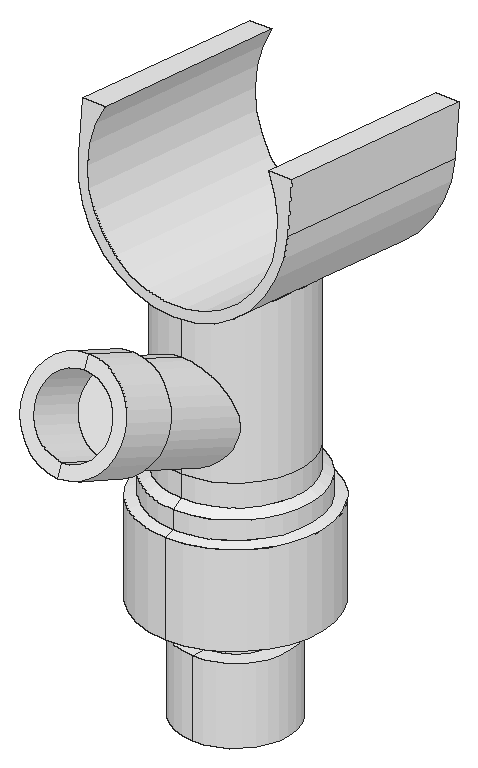
Revit family "Shower_Arm_Bracket-American_Standard-Spectra-8888096_Series", category Plumbing Fixtures, host Face, Revit 2019
Family settings
  Host = Face
  Round Connector Dimension = Use Diameter
  Part Type = Normal
  OmniClass Number = 23.45.05.14.17
  OmniClass Title = Showers
  Cut with Voids When Loaded = No
  Shared = Yes
  Room Calculation Point = No
Parameters (values of type "8888096.002")
  Width = 2 7/16"  # constant formula
  Waste Connection = no
  Warranty Information = "One Year General Product Warranty"  # constant formula
  WFU = 4  # constant formula
  Vent Connection = no
  URL = "https://www.americanstandard-us.com/"
  Type Comments = ""
  Tempered Water Connection Radius = 1/4"  # constant formula
  Tempered Water Connection Diameter = Tempered Water Connection Radius * 2  # 1/2"
  Tempered Water Connection = yes
  Revised Date = "08/04/2022"  # constant formula
  Product Page URL = "https://www.americanstandard-us.com/Hand-Showers-and-Accessories/Shower-Arm-Bracket/CHROME-8888096002"
  Product Documentation Link = "https://americanstandard.box.com/shared/static/2u0auwi26ym9tjsro8eta9bzoj8ki1fy.pdf"
  Price = "Prices may vary. Please consult Manufacturer Representative for most up-to-date price list."  # constant formula
  Model = "8888096.002"
  Material = "Metal-American Standard-002-Polished Chrome"
  Manufacturer = "American Standard"  # constant formula
  Length = 3 9/16"  # constant formula
  Installation Type = "Attaches to shower arm."  # constant formula
  HWFU = 3  # constant formula
  HW Connection = no
  Finish = Metal-American Standard-002-Polished Chrome
  Description = "Shower Arm Bracket"  # constant formula
  Default Elevation = 72"  # constant formula
  Creation Date = "01/18/2018"  # constant formula
  CWFU = 3  # constant formula
  CW Connection = no
  Assembly Code = "D2020300"
Types (6): name | Product Page URL | Model | Material | Finish
  (no name) | "https://www.americanstandard-us.com/Hand-Showers-and-Accessories/Shower-Arm-Bracket/CHROME-8888096002" | "8888096.002" | "Metal-American Standard-002-Polished Chrome" | Metal-American Standard-002-Polished Chrome
  8888096.002 | "https://www.americanstandard-us.com/Hand-Showers-and-Accessories/Shower-Arm-Bracket/CHROME-8888096002" | "8888096.002" | "Metal-American Standard-002-Polished Chrome" | Metal-American Standard-002-Polished Chrome
  8888096.243 | "https://www.americanstandard-us.com/Hand-Showers-and-Accessories/Shower-Arm-Bracket/MATTE-BLACK-8888096243" | "8888096.243" | "Metal-American Standard-243-Matte Black" | Metal-American Standard-243-Matte Black
  8888096.278 | "https://www.americanstandard-us.com/Hand-Showers-and-Accessories/Shower-Arm-Bracket/LEGACY-BRONZE-8888096278" | "8888096.278" | "Metal-American Standard-278-Legacy Bronze" | Metal-American Standard-278-Legacy Bronze
  8888096.013 | "https://www.americanstandard-us.com/Hand-Showers-and-Accessories/Shower-Arm-Bracket/POLISHED-NICKEL-8888096013" | "8888096.013" | "Metal-American Standard-013-Polished Nickel PVD" | Metal-American Standard-013-Polished Nickel PVD
  8888096.295 | "https://www.americanstandard-us.com/Hand-Showers-and-Accessories/Shower-Arm-Bracket/BRUSHED-NICKEL-8888096295" | "8888096.295" | "Metal-American Standard-295-Brushed Nickel" | Metal-American Standard-295-Brushed Nickel
Reference planes (in)
  plane 1 "Center (Front/Back)": y = 0
  plane 2: z = 0
  plane 3 "Center (Left/Right)": x = 0
  plane 4: z = 3.5625
  plane 5: y = 0.25
  plane 6: y = -0.25
  plane 7: y = 0.97249
  plane 8: y = -1.46501
Forms (in)
  Revolve 1, solid, material "Metal-American Standard-002-Polished Chrome" <- "Finish"
    sketch origin (0, 0, 0) x (0, 1, 0) y (0, 0, 1)
      loop
        line (-0.25, 0) -> (-0.25, 0.43364) -> (0, 0.43364) -> (0, 2.85635) -> (-0.44604, 2.85635) -> (-0.44604, 1.61666) -> (-0.44604, 1.47217) -> (-0.50766, 1.43207) -> (-0.50766, 1.31318) -> (-0.57539, 1.29503) -> (-0.57539, 0.69632) -> (-0.25, 0.69632) -> (-0.25, 0.5) -> (-0.35229, 0.5) -> (-0.35229, 0) -> (-0.25, 0)
      axis (0, 2.85635) -> (0, 0)
    angle from 0 to 360
  Revolve 2, solid, material "Metal-American Standard-002-Polished Chrome" <- "Finish"
    sketch origin (0, 0, 0) x (0, 1, 0) y (0, 0, 1)
      loop
        line (-1.42579, 2.11385) -> (-1.45831, 2.03334) -> (-1.10017, 1.88864) -> (-1.08491, 1.9264) -> (-0.15033, 1.5488) -> (-0.03941, 1.82335) -> (-0.97399, 2.20095) -> (-1.06764, 1.96915) -> (-1.42579, 2.11385)
      axis (-0.03941, 1.82335) -> (-1.33214, 2.34565)
    angle from 0 to 360
  Extrusion 3, solid, material "Metal-American Standard-002-Polished Chrome" <- "Finish"
    sketch origin (0, -0.3552, -0.31361) x (1, 0, 0) y (0, 0.104528, 0.994522)
      loop
        arc (0.53683, 3.85649) -> (0, 2.91143) -> (-0.53683, 3.85649) r 0.625
        line (-0.53683, 3.85649) -> (-0.6875, 3.85649) -> (-0.6875, 3.53643)
        arc (-0.6875, 3.53643) -> (0, 2.84893) -> (0.6875, 3.53643) r 0.6875
        line (0.6875, 3.53643) -> (0.6875, 3.85649) -> (0.53683, 3.85649)
    from -0.92967 to 0.45006
  Extrusion 4, void
    sketch origin (0, -1.28945, 6.34985) x (1, 0, 0) y (0, 0.098937, 0.995094)
      loop
        spline (-0.625, -3.01873) -> (-0.6037, -3.1796) -> (-0.54127, -3.32952) -> (-0.44194, -3.45825) -> (-0.3125, -3.55703) -> (-0.16176, -3.61913) -> (0, -3.64031) -> (0.16176, -3.61913) -> (0.3125, -3.55703) -> (0.44194, -3.45825) -> (0.54127, -3.32952) -> (0.6037, -3.1796) -> (0.625, -3.01873)
        spline (0.625, -3.01873) -> (0.6037, -2.85785) -> (0.54127, -2.70794) -> (0.44194, -2.57921) -> (0.3125, -2.48043) -> (0.16176, -2.41833) -> (0, -2.39715) -> (-0.16176, -2.41833) -> (-0.3125, -2.48043) -> (-0.44194, -2.57921) -> (-0.54127, -2.70794) -> (-0.6037, -2.85785) -> (-0.625, -3.01873)
    from -2.96098 to -0.62033
Cuts and joins
  Extrusion 4 cuts Revolve 1
  joined: Revolve 1, Revolve 2, Extrusion 3
Lines and regions (in)
  Masking region 1
    outline origin (0, 0, 0) x (1, 0, 0) y (0, 0, 1)
      loop
        line (0.6875, 3.56881) -> (0.53683, 3.56881) -> (0.53683, 3.42458)
        spline (0.53683, 3.42458) -> (0.54773, 3.40565) -> (0.55796, 3.38634) -> (0.5675, 3.36668) -> (0.57635, 3.34671) -> (0.58448, 3.32644) -> (0.59189, 3.3059) -> (0.59857, 3.28511) -> (0.60452, 3.2641) -> (0.60971, 3.2429) -> (0.61416, 3.22153) -> (0.61785, 3.20001) -> (0.62078, 3.17838)
        spline (0.62078, 3.17838) -> (0.58522, 3.03229) -> (0.51544, 2.89895) -> (0.41552, 2.78618) -> (0.29129, 2.70055) -> (0.15003, 2.64709) -> (0, 2.62892) -> (-0.15003, 2.64709) -> (-0.29129, 2.70055) -> (-0.41552, 2.78618) -> (-0.51544, 2.89895) -> (-0.58522, 3.03229) -> (-0.62078, 3.17838)
        spline (-0.62078, 3.17838) -> (-0.61785, 3.20001) -> (-0.61416, 3.22153) -> (-0.60971, 3.2429) -> (-0.60452, 3.2641) -> (-0.59857, 3.28511) -> (-0.59189, 3.3059) -> (-0.58448, 3.32644) -> (-0.57635, 3.34671) -> (-0.5675, 3.36668) -> (-0.55796, 3.38634) -> (-0.54773, 3.40565) -> (-0.53683, 3.42458)
        line (-0.53683, 3.42458) -> (-0.53683, 3.56881) -> (-0.6875, 3.56881) -> (-0.6875, 3.10627)
        spline (-0.6875, 3.10627) -> (-0.68572, 3.05704) -> (-0.68037, 3.00806) -> (-0.67149, 2.9596) -> (-0.65913, 2.91189) -> (-0.64335, 2.86519) -> (-0.62422, 2.81975) -> (-0.60186, 2.77579) -> (-0.57637, 2.73355) -> (-0.54789, 2.69324) -> (-0.51656, 2.65508) -> (-0.48255, 2.61926) -> (-0.44604, 2.58597)
        line (-0.44604, 2.58597) -> (-0.44604, 1.47217) -> (-0.50766, 1.43207) -> (-0.50766, 1.31318) -> (-0.57539, 1.29503) -> (-0.57539, 0.69632) -> (-0.25, 0.69632) -> (-0.25, 0.5) -> (-0.35229, 0.5) -> (-0.35229, 0) -> (0.35229, 0) -> (0.35229, 0.5) -> (0.25, 0.5) -> (0.25, 0.69632) -> (0.57539, 0.69632) -> (0.57539, 1.29503) -> (0.50766, 1.31318) -> (0.50766, 1.43207) -> (0.44604, 1.47217) -> (0.44604, 2.58597)
        spline (0.44604, 2.58597) -> (0.48255, 2.61926) -> (0.51656, 2.65508) -> (0.54789, 2.69324) -> (0.57637, 2.73355) -> (0.60186, 2.77579) -> (0.62422, 2.81975) -> (0.64335, 2.86519) -> (0.65913, 2.91189) -> (0.67149, 2.9596) -> (0.68037, 3.00806) -> (0.68572, 3.05704) -> (0.6875, 3.10627)
        line (0.6875, 3.10627) -> (0.6875, 3.56881)
  symbolic lines, detail levels medium+fine
    curve 1: line (0.25, 0, 0.5) -> (-0.25, 0, 0.5)
    curve 2: line (-0.25, 0, 0.69632) -> (0.25, 0, 0.69632)
    curve 3: line (0.57539, 0, 1.29503) -> (-0.57539, 0, 1.29503)
    curve 7: spline (0.44604, 0, 2.58597) -> (0.37557, 0, 2.53358) -> (0.29896, 0, 2.49057) -> (0.21744, 0, 2.45764) -> (0.13237, 0, 2.43533) -> (0.04513, 0, 2.42401) -> (-0.04285, 0, 2.42387) -> (-0.13013, 0, 2.4349) -> (-0.21528, 0, 2.45692) -> (-0.2969, 0, 2.48958) -> (-0.37366, 0, 2.53234) -> (-0.4443, 0, 2.5845) -> (-0.50766, 0, 2.6452)
  symbolic lines, detail levels fine
    curve 4: line (0.50766, 0, 1.31318) -> (-0.50766, 0, 1.31318)
    curve 5: line (-0.50766, 0, 1.43207) -> (0.50766, 0, 1.43207)
    curve 6: line (0.44604, 0, 1.47217) -> (-0.44604, 0, 1.47217)
    curve 8: spline (-0.62095, 0, 3.1769) -> (-0.61627, 0, 3.00276) -> (-0.56319, 0, 2.83676) -> (-0.46588, 0, 2.69192) -> (-0.33197, 0, 2.57963) -> (-0.17199, 0, 2.50869) -> (0.00149, 0, 2.4847) -> (0.17486, 0, 2.50952) -> (0.3345, 0, 2.58121) -> (0.46786, 0, 2.69414) -> (0.56448, 0, 2.83944) -> (0.61676, 0, 3.00569) -> (0.62061, 0, 3.17985)
    curve 9: line (-0.6875, 0, 3.42458) -> (-0.53683, 0, 3.42458)
    curve 10: line (0.53683, 0, 3.42458) -> (0.6875, 0, 3.42458)
Dimensions and locks (in)
  "Width": plane 7 to plane 8
  plane 5 to plane 6 = 1/2"
  "Length": plane 2 to plane 4
  aligned and locked: plane 2 to host face
  aligned and locked: level to host face
Automatic sketch dimensions
  host sketch curve to host sketch curve = 96"  (x2)
  Revolve 1 sketch curve to level = 0"
  Revolve 1 sketch curve to plane 6 = 0"  (x2)
  Revolve 1 sketch curve to plane 1 "Center (Front/Back)" = 0"  (x2)
  plane 6 to Revolve 1 sketch curve = 0.10229"
  plane 6 to Revolve 1 sketch curve = 0.19604"
  Revolve 1 sketch curve to Revolve 1 sketch curve = 0.06162"
  Revolve 1 sketch curve to Revolve 1 sketch curve = 0.06772"
  Revolve 1 sketch curve to Revolve 1 sketch curve = 0.43364"
  Revolve 1 sketch curve to Revolve 1 sketch curve = 0.06636"
  Revolve 1 sketch curve to Revolve 1 sketch curve = 0.19632"
  Revolve 1 sketch curve to Revolve 1 sketch curve = 0.59871"
  Revolve 1 sketch curve to Revolve 1 sketch curve = 0.01815"
  Revolve 1 sketch curve to Revolve 1 sketch curve = 0.1189"
  Revolve 1 sketch curve to Revolve 1 sketch curve = 0.0401"
  Revolve 1 sketch curve to Revolve 1 sketch curve = 0.14449"
  plane 4 to Revolve 1 sketch curve = 0.70615"
  Revolve 1 sketch curve to Revolve 1 sketch curve = 0.05336"
  plane 4 to Revolve 1 sketch curve = 1/4"
  Revolve 2 sketch curve to plane 8 = 0.00669"
  Revolve 2 sketch curve to plane 8 = 0.03922"
  Revolve 2 sketch curve to plane 8 = 0.36484"
  Revolve 2 sketch curve to Revolve 2 sketch curve = 0.01525"
  Revolve 2 sketch curve to Revolve 2 sketch curve = 0.01727"
  Revolve 2 sketch curve to Revolve 2 sketch curve = 0.09365"
  Revolve 2 sketch curve to plane 6 = 0.09967"
  level to Revolve 2 sketch curve = 1.5488"
  Revolve 2 sketch curve to Revolve 2 sketch curve = 0.27455"
  plane 8 to Revolve 2 sketch curve = 0.18487"
  Revolve 2 sketch curve to plane 8 = 0.13287"
  Revolve 2 sketch curve to Revolve 2 sketch curve = 0.2318"
  Revolve 2 sketch curve to Revolve 2 sketch curve = 0.12838"
  Extrusion 3 sketch curve to Extrusion 3 sketch curve = 0"  (x2)
  Extrusion 3 sketch curve to plane 3 "Center (Left/Right)" = 0"
  Extrusion 3 sketch curve to plane 3 "Center (Left/Right)" = 0.53683"
  Extrusion 3 sketch curve to Extrusion 3 sketch curve = 0.15067"  (x2)
  Extrusion 3 sketch curve to Extrusion 3 sketch curve = 0.32007"
  Extrusion 4 sketch curve to plane 3 "Center (Left/Right)" = 0"
  Extrusion 4 sketch curve to plane 3 "Center (Left/Right)" = 5/8"
  Masking region 1 sketch curve to plane 4 = 0.00631"  (x2)
  Masking region 1 sketch curve to plane 3 "Center (Left/Right)" = 0"  (x5)
  Masking region 1 sketch curve to level = 0"
  Masking region 1 sketch curve to plane 3 "Center (Left/Right)" = 1/4"
  Masking region 1 sketch curve to Masking region 1 sketch curve = 0.10229"  (x2)
  Masking region 1 sketch curve to plane 3 "Center (Left/Right)" = 0.44604"
  Masking region 1 sketch curve to Masking region 1 sketch curve = 0.06162"  (x2)
  plane 4 to Masking region 1 sketch curve = 0.13792"  (x2)
  Masking region 1 sketch curve to plane 3 "Center (Left/Right)" = 0.53683"
  Masking region 1 sketch curve to Masking region 1 sketch curve = 0.2231"  (x2)
  Masking region 1 sketch curve to Masking region 1 sketch curve = 0.15067"  (x2)
  plane 3 "Center (Left/Right)" to Masking region 1 sketch curve = 1/4"
  plane 3 "Center (Left/Right)" to Masking region 1 sketch curve = 0.44604"
  level to Masking region 1 sketch curve = 1/2"
  Masking region 1 sketch curve to Masking region 1 sketch curve = 1/2"
  Masking region 1 sketch curve to Masking region 1 sketch curve = 0.19632"  (x2)
  Masking region 1 sketch curve to Masking region 1 sketch curve = 0.59871"  (x2)
  Masking region 1 sketch curve to Masking region 1 sketch curve = 0.01815"  (x2)
  Masking region 1 sketch curve to Masking region 1 sketch curve = 0.1189"  (x2)
  Masking region 1 sketch curve to Masking region 1 sketch curve = 0.0401"  (x2)
  plane 4 to Masking region 1 sketch curve = 0.97653"
  Masking region 1 sketch curve to Masking region 1 sketch curve = 0.06672"  (x2)
  Masking region 1 sketch curve to Masking region 1 sketch curve = 1/16"
  Masking region 1 sketch curve to Masking region 1 sketch curve = 0"  (x5)
  Masking region 1 sketch curve to Masking region 1 sketch curve = 0.00422"
  Masking region 1 sketch curve to Masking region 1 sketch curve = 0.83862"
  Masking region 1 sketch curve to Masking region 1 sketch curve = 0.31831"
  Masking region 1 sketch curve to Masking region 1 sketch curve = 0.14422"
  curve 7 to plane 3 "Center (Left/Right)" = 0"
  curve 8 to plane 3 "Center (Left/Right)" = 0"
  level to curve 1 = 1/2"
  curve 2 to plane 3 "Center (Left/Right)" = 1/4"
  curve 2 to curve 1 = 0"  (x2)
  curve 6 to plane 3 "Center (Left/Right)" = 0.44604"
  curve 5 to curve 6 = 0.06162"
  curve 7 to plane 3 "Center (Left/Right)" = 0.50766"
  curve 5 to curve 4 = 0"
  curve 3 to curve 4 = 0.06772"
  curve 8 to curve 7 = 29/256"
  curve 8 to curve 8 = 0.00405"
  curve 7 to curve 8 = 1/16"
  plane 3 "Center (Left/Right)" to curve 2 = 1/4"
  plane 3 "Center (Left/Right)" to curve 7 = 0.44604"
  plane 3 "Center (Left/Right)" to curve 6 = 0.44604"
  curve 6 to curve 4 = 0.06162"
  curve 6 to curve 5 = 0.06162"
  curve 4 to curve 3 = 0.06772"
  plane 4 to curve 8 = 0.38265"
  curve 7 to curve 8 = 0.17457"
  curve 1 to curve 2 = 0.19632"
  curve 2 to curve 3 = 0.59871"
  curve 3 to curve 4 = 0.01815"
  curve 4 to curve 5 = 0.1189"
  curve 5 to curve 6 = 0.0401"
  curve 7 to curve 8 = 0.59388"
  curve 7 to curve 7 = 0.05923"
  curve 8 to curve 7 = 0"
Connectors (in)
  piping at (0, -1.33214, 2.34565), diameter 0.5, driven by "Tempered Water Connection Diameter"
    settings: on cut or joined group of Revolve 1, Revolve 2, Extrusion 3, Extrusion 4, index 1, connector inside diameter 24", connector length 0", flow factor 0, pipe flow 0 GPM, pressure drop 0.00 psi, fitting loss kfactor 0, connector angle 0.00°, fixture units 0, engagement length 0", angle of deflection 0.00°, flow configuration 0, flow direction 2, fitting loss method 0, system type 29, joint type 0, gender type 0, connector reference index -1, connector utility 0, adjustable connector no, is connector primary yes, connector description "1/2\" NPSM Outlet Connection"
  piping at (0, 0, 0), diameter 0.5, driven by "Tempered Water Connection Diameter"
    settings: on cut or joined group of Revolve 1, Revolve 2, Extrusion 3, Extrusion 4, index 2, connector inside diameter 24", connector length 0", flow factor 0, pipe flow 0 GPM, pressure drop 0.00 psi, fitting loss kfactor 0, connector angle 0.00°, fixture units 0, engagement length 0", angle of deflection 0.00°, flow configuration 0, flow direction 1, fitting loss method 0, system type 29, joint type 0, gender type 0, connector reference index -1, connector utility 0, adjustable connector no, is connector primary no, connector description "1/2\" NPT Inlet Connection"
